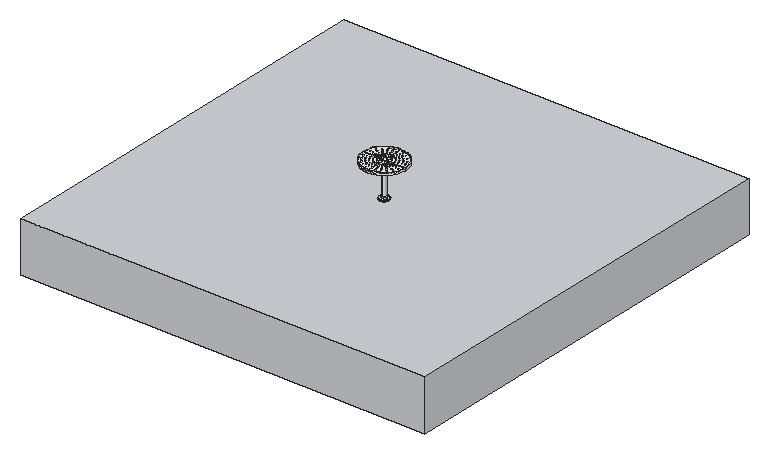
Revit family
Parameters (values of type "Metal-CP-Polished_Chrome")
  Width [instance] = 0' - 10"
  URL = "http://www.us.kohler.com"
  Showerhead Supply Pipe Radius = 0' 0 1/2"  # 1/2"
  Showerhead Supply Pipe Diameter = Showerhead Supply Pipe Radius * 2  # 1"
  Showerhead Supply = "Showerhead Supply"  # constant formula
  Product Page URL = "http://www.us.kohler.com/onlinecatalog/detail.jsp?prod_num=13689"
  Product Documentation Link = "http://www.us.kohler.com/onlinecatalog/pdf/1141989_4.pdf"
  Model = "K-13689"  # constant formula
  Manufacturer = "Kohler"  # constant formula
  Length [instance] = 0' - 2 3/4"
  Height [instance] = 0' - 10"
  Finish = Metal-Kohler-CP-Polished Chrome
  Description = "10in Contemporary round rainhead with Katalyst spray technology"  # constant formula
  Default Elevation = 0' - 0"
  Created By = "http://medialab3dstudio.com"
  Assembly Code = "C1030200"
Reference planes (in)
  plane 1 "Center (Front/Back)": y = 0
  plane 2 "Back": z = 0
  plane 3 "Center (Left/Right)": x = 0
  plane 4 "Left": x = -5
  plane 5 "Right": x = 5
  plane 6 "Top": y = 5
  plane 7 "Bottom": y = -5
  plane 8 "Front": z = 8.25422
Forms (in)
  Extrusion 1, solid
    sketch origin (0, 0, 0) x (1, 0, 0) y (0, 1, 0)
      loop
        line (-48, 48) -> (-48, -48) -> (48, -48) -> (48, 48) -> (-48, 48)
    from 0 to -12
  Extrusion 2, solid, material "Metal-Kohler-CP-Polished Chrome" <- "Finish", detail levels coarse+medium
    sketch origin (0, 0, 0) x (1, 0, 0) y (0, 1, 0)
      loop
        line (-5, 5) -> (-5, -5) -> (5, -5) -> (5, 5) -> (-5, 5)
    from 0 to 8.25422
  Extrusion 3, solid, material "Metal-Kohler-CP-Polished Chrome" <- "Finish", not visible
    sketch origin (0, 0, 0) x (1, 0, 0) y (0, 1, 0)
      loop
        circle (0, 0) r 0.5
    from 0 to 0.25402
Lines and regions (in)
  Masking region 1, detail levels coarse
    outline origin (0, 0, 0) x (0, 1, 0) y (0, 0, 1)
      loop
        line (5, 8.25422) -> (-5, 8.25422) -> (-5, 0) -> (5, 0) -> (5, 8.25422)
  Masking region 2, detail levels coarse
    outline origin (0, 0, 0) x (1, 0, 0) y (0, 0, 1)
      loop
        line (-5, 8.25422) -> (-5, 0) -> (5, 0) -> (5, 8.25422) -> (-5, 8.25422)
Dimensions and locks (in)
  equal spacing: plane 4 "Left", plane 3 "Center (Left/Right)", plane 5 "Right", locked at 5 each
  "Width": plane 4 "Left" to plane 5 "Right"
  equal spacing: plane 6 "Top", plane 1 "Center (Front/Back)", plane 7 "Bottom", locked at 5 each
  "Height": plane 6 "Top" to plane 7 "Bottom"
  plane 8 "Front" to plane 2 "Back" = 0' - 8.25422"
  "Showerhead Supply Pipe Radius": radius of Extrusion 3 sketch curve
  aligned and locked: plane 2 "Back" to Extrusion 1
  aligned and locked: level to Extrusion 1
Automatic sketch dimensions
  Extrusion 1 sketch curve to Extrusion 1 sketch curve = 8' - 0"  (x2)
  Masking region 1 sketch curve to plane 7 "Bottom" = 0' - 0"
  Masking region 1 sketch curve to level = 0' - 0"
  Masking region 1 sketch curve to plane 8 "Front" = 0' - 0"
  plane 6 "Top" to Masking region 1 sketch curve = 0' - 0"
  Masking region 2 sketch curve to plane 4 "Left" = 0' - 0"
  Masking region 2 sketch curve to plane 5 "Right" = 0' - 0"
  Masking region 2 sketch curve to level = 0' - 0"
  plane 8 "Front" to Masking region 2 sketch curve = 0' - 0"
  Extrusion 2 sketch curve to plane 4 "Left" = 0' - 0"
  Extrusion 2 sketch curve to plane 5 "Right" = 0' - 0"
  Extrusion 2 sketch curve to plane 7 "Bottom" = 0' - 0"
  plane 6 "Top" to Extrusion 2 sketch curve = 0' - 0"
  plane 1 "Center (Front/Back)" to Extrusion 3 sketch curve = 0' - 0"
  Extrusion 3 sketch curve to plane 3 "Center (Left/Right)" = 0' - 0"
Nested families (in)
  nested 1: "13689_Base" at (0, 0, 5.50422), type "13689_Base"
  nested 2: "Arm_Base" at (0, 0, 0), type "Arm_Base"
Connectors (in)
  piping at (0, 0, 0), driven by "Showerhead Supply", driven by "Showerhead Supply Pipe Radius"
    settings: on Extrusion 3, index 1, connector radius 1/2", flow factor 0, pipe flow 2.50 GPM, pressure drop 0.00 psi, fitting loss kfactor 0, connector angle 0.00°, fixture units 0, flow configuration 0, flow direction 1, fitting loss method 0, system type 7, connector reference index -1, connector utility 0, adjustable connector no, is connector primary yes, fitting loss table "", connector description "Showerhead Supply"
Definition of nested family "13689_Base"
  Parameters (values of type "13689_Base")
    Finish = Metal-Kohler-CP-Polished Chrome
    Assembly Code = ""
  Reference planes (in)
    plane 1 "Center (Front/Back)": y = 0
    plane 2 "Back": z = 0
    plane 3 "Center (Left/Right)": x = 0
    plane 4 "Left": x = -5
    plane 5 "Right": x = 5
    plane 6 "Top": y = 5
    plane 7 "Bottom": y = -5
    plane 8 "Front": z = 2.75
  Forms (in)
    Revolve 1, solid, material "Metal-Kohler-CP-Polished Chrome" <- "Finish", detail levels fine
      sketch origin (0, 0, 0) x (1, 0, 0) y (0, 0, 1)
        loop
          line (0, 0) -> (0, 2.71692) -> (-4.97026, 2.71692)
          arc (-4.97026, 2.71692) -> (-4.9913, 2.70814) -> (-5, 2.68707) r 0.02985
          line (-5, 2.68707) -> (-5, 2.24404) -> (-0.72059, 2.24404) -> (-0.72059, 1.66964) -> (-0.68982, 1.66964) -> (-0.68982, 1.19665) -> (-0.43848, 1.19665)
          arc (-0.43848, 1.19665) -> (-0.39123, 1.13635) -> (-0.33581, 1.08346) r 0.53225
          arc (-0.33581, 1.08346) -> (-0.31109, 1.01901) -> (-0.35357, 0.96459) r 0.07013
          arc (-0.35357, 0.96459) -> (-0.4567, 0.87986) -> (-0.49543, 0.75212) r 0.23005
          line (-0.49543, 0.75212) -> (-0.49543, 0.02372)
          arc (-0.49543, 0.02372) -> (-0.49101, 0.00722) -> (-0.47553, 0) r 0.02021
          line (-0.47553, 0) -> (0, 0)
        axis (0, 0) -> (0, 2.71692)
      angle from 0 to 360
    Extrusion 2, solid, material "Metal-Kohler-CP-Polished Chrome" <- "Finish", detail levels fine
      sketch origin (0, 0, 0) x (-1, 0, 0) y (0, -1, 0)
        loop
          circle (0.71429, 0) r 0.05864
        loop
          circle (3.57143, 0) r 0.05864
        loop
          circle (2.85714, 0) r 0.05864
        loop
          circle (2.14286, 0) r 0.05864
        loop
          circle (1.42857, 0) r 0.05864
        loop
          circle (4.28571, 0) r 0.05864
        loop
          circle (-0.71429, 0) r 0.05864
        loop
          circle (-3.57143, 0) r 0.05864
        loop
          circle (-2.85714, 0) r 0.05864
        loop
          circle (-2.14286, 0) r 0.05864
        loop
          circle (-1.42857, 0) r 0.05864
        loop
          circle (-4.28571, 0) r 0.05864
        loop
          circle (0, 0.71429) r 0.05864
        loop
          circle (0, 3.57143) r 0.05864
        loop
          circle (0, 2.85714) r 0.05864
        loop
          circle (0, 2.14286) r 0.05864
        loop
          circle (0, 1.42857) r 0.05864
        loop
          circle (0, 4.28571) r 0.05864
        loop
          circle (0, -0.71429) r 0.05864
        loop
          circle (0, -3.57143) r 0.05864
        loop
          circle (0, -2.85714) r 0.05864
        loop
          circle (0, -2.14286) r 0.05864
        loop
          circle (0, -1.42857) r 0.05864
        loop
          circle (0, -4.28571) r 0.05864
        loop
          circle (-0.50508, 0.50508) r 0.05864
        loop
          circle (-2.52538, 2.52538) r 0.05864
        loop
          circle (-2.02031, 2.02031) r 0.05864
        loop
          circle (-1.51523, 1.51523) r 0.05864
        loop
          circle (-1.01015, 1.01015) r 0.05864
        loop
          circle (-3.03046, 3.03046) r 0.05864
        loop
          circle (0.50508, -0.50508) r 0.05864
        loop
          circle (2.52538, -2.52538) r 0.05864
        loop
          circle (2.02031, -2.02031) r 0.05864
        loop
          circle (1.51523, -1.51523) r 0.05864
        loop
          circle (1.01015, -1.01015) r 0.05864
        loop
          circle (3.03046, -3.03046) r 0.05864
        loop
          circle (0.50508, 0.50508) r 0.05864
        loop
          circle (2.52538, 2.52538) r 0.05864
        loop
          circle (2.02031, 2.02031) r 0.05864
        loop
          circle (1.51523, 1.51523) r 0.05864
        loop
          circle (1.01015, 1.01015) r 0.05864
        loop
          circle (3.03046, 3.03046) r 0.05864
        loop
          circle (-0.50508, -0.50508) r 0.05864
        loop
          circle (-2.52538, -2.52538) r 0.05864
        loop
          circle (-2.02031, -2.02031) r 0.05864
        loop
          circle (-1.51523, -1.51523) r 0.05864
        loop
          circle (-1.01015, -1.01015) r 0.05864
        loop
          circle (-3.03046, -3.03046) r 0.05864
        loop
          circle (0.92435, -3.44974) r 0.05864
        loop
          circle (0.73948, -2.75979) r 0.05864
        loop
          circle (0.55461, -2.06984) r 0.05864
        loop
          circle (1.10922, -4.13968) r 0.05864
        loop
          circle (-0.92435, -3.44974) r 0.05864
        loop
          circle (-0.73948, -2.75979) r 0.05864
        loop
          circle (-0.55461, -2.06984) r 0.05864
        loop
          circle (-1.10922, -4.13968) r 0.05864
        loop
          circle (0.92435, 3.44974) r 0.05864
        loop
          circle (0.73948, 2.75979) r 0.05864
        loop
          circle (0.55461, 2.06984) r 0.05864
        loop
          circle (1.10922, 4.13968) r 0.05864
        loop
          circle (-0.92435, 3.44974) r 0.05864
        loop
          circle (-0.73948, 2.75979) r 0.05864
        loop
          circle (-0.55461, 2.06984) r 0.05864
        loop
          circle (-1.10922, 4.13968) r 0.05864
        loop
          circle (3.44974, -0.92435) r 0.05864
        loop
          circle (2.75979, -0.73948) r 0.05864
        loop
          circle (2.06984, -0.55461) r 0.05864
        loop
          circle (4.13968, -1.10922) r 0.05864
        loop
          circle (3.44974, 0.92435) r 0.05864
        loop
          circle (2.75979, 0.73948) r 0.05864
        loop
          circle (2.06984, 0.55461) r 0.05864
        loop
          circle (4.13968, 1.10922) r 0.05864
        loop
          circle (-3.44974, -0.92435) r 0.05864
        loop
          circle (-2.75979, -0.73948) r 0.05864
        loop
          circle (-2.06984, -0.55461) r 0.05864
        loop
          circle (-4.13968, -1.10922) r 0.05864
        loop
          circle (-3.44974, 0.92435) r 0.05864
        loop
          circle (-2.75979, 0.73948) r 0.05864
        loop
          circle (-2.06984, 0.55461) r 0.05864
        loop
          circle (-4.13968, 1.10922) r 0.05864
        loop
          circle (1.78571, -3.09295) r 0.05864
        loop
          circle (1.42857, -2.47436) r 0.05864
        loop
          circle (1.07143, -1.85577) r 0.05864
        loop
          circle (0.71429, -1.23718) r 0.05864
        loop
          circle (2.14286, -3.71154) r 0.05864
        loop
          circle (-1.78571, -3.09295) r 0.05864
        loop
          circle (-1.42857, -2.47436) r 0.05864
        loop
          circle (-1.07143, -1.85577) r 0.05864
        loop
          circle (-0.71429, -1.23718) r 0.05864
        loop
          circle (-2.14286, -3.71154) r 0.05864
        loop
          circle (-1.78571, 3.09295) r 0.05864
        loop
          circle (-1.42857, 2.47436) r 0.05864
        loop
          circle (-1.07143, 1.85577) r 0.05864
        loop
          circle (-0.71429, 1.23718) r 0.05864
        loop
          circle (-2.14286, 3.71154) r 0.05864
        loop
          circle (1.78571, 3.09295) r 0.05864
        loop
          circle (1.42857, 2.47436) r 0.05864
        loop
          circle (1.07143, 1.85577) r 0.05864
        loop
          circle (0.71429, 1.23718) r 0.05864
        loop
          circle (2.14286, 3.71154) r 0.05864
        loop
          circle (3.09295, 1.78571) r 0.05864
        loop
          circle (2.47436, 1.42857) r 0.05864
        loop
          circle (1.85577, 1.07143) r 0.05864
        loop
          circle (1.23718, 0.71429) r 0.05864
        loop
          circle (3.71154, 2.14286) r 0.05864
        loop
          circle (3.09295, -1.78571) r 0.05864
        loop
          circle (2.47436, -1.42857) r 0.05864
        loop
          circle (1.85577, -1.07143) r 0.05864
        loop
          circle (1.23718, -0.71429) r 0.05864
        loop
          circle (3.71154, -2.14286) r 0.05864
        loop
          circle (-3.09295, 1.78571) r 0.05864
        loop
          circle (-2.47436, 1.42857) r 0.05864
        loop
          circle (-1.85577, 1.07143) r 0.05864
        loop
          circle (-1.23718, 0.71429) r 0.05864
        loop
          circle (-3.71154, 2.14286) r 0.05864
        loop
          circle (-3.09295, -1.78571) r 0.05864
        loop
          circle (-2.47436, -1.42857) r 0.05864
        loop
          circle (-1.85577, -1.07143) r 0.05864
        loop
          circle (-1.23718, -0.71429) r 0.05864
        loop
          circle (-3.71154, -2.14286) r 0.05864
      from 2.52219 to 2.75
  Cuts and joins
    joined: Revolve 1, Extrusion 2
  Lines and regions (in)
    Masking region 1, detail levels medium+fine
      outline origin (0, 0, 0) x (1, 0, 0) y (0, 0, 1)
        loop
          line (-0.47553, 0) -> (0.47553, 0)
          arc (0.47553, 0) -> (0.49088, 0.00733) -> (0.49543, 0.02372) r 0.02052
          line (0.49543, 0.02372) -> (0.49543, 0.75212)
          arc (0.49543, 0.75212) -> (0.45667, 0.87989) -> (0.35346, 0.96459) r 0.22998
          arc (0.35346, 0.96459) -> (0.31099, 1.01905) -> (0.33591, 1.08346) r 0.07001
          arc (0.33591, 1.08346) -> (0.39141, 1.13623) -> (0.43848, 1.19665) r 0.51518
          line (0.43848, 1.19665) -> (0.68982, 1.19665) -> (0.68982, 1.66964) -> (0.72059, 1.66964) -> (0.72059, 2.24404) -> (5, 2.24404) -> (5, 2.68718)
          arc (5, 2.68718) -> (4.99129, 2.70821) -> (4.97026, 2.71692) r 0.02974
          line (4.97026, 2.71692) -> (-4.97026, 2.71692)
          arc (-4.97026, 2.71692) -> (-4.99129, 2.70821) -> (-5, 2.68718) r 0.02974
          line (-5, 2.68718) -> (-5, 2.24404) -> (-0.72059, 2.24404) -> (-0.72059, 1.66964) -> (-0.68982, 1.66964) -> (-0.68982, 1.19665) -> (-0.43848, 1.19665)
          arc (-0.43848, 1.19665) -> (-0.39141, 1.13623) -> (-0.33591, 1.08346) r 0.51518
          arc (-0.33591, 1.08346) -> (-0.31099, 1.01905) -> (-0.35346, 0.96459) r 0.07001
          arc (-0.35346, 0.96459) -> (-0.45667, 0.87989) -> (-0.49543, 0.75212) r 0.22998
          line (-0.49543, 0.75212) -> (-0.49543, 0.02372)
          arc (-0.49543, 0.02372) -> (-0.49088, 0.00733) -> (-0.47553, 0) r 0.02052
    Masking region 2, detail levels medium+fine
      outline origin (0, 0, 0) x (0, 1, 0) y (0, 0, 1)
        loop
          arc (0.47553, 0) -> (0.49093, 0.00718) -> (0.49532, 0.02359) r 0.0201
          line (0.49532, 0.02359) -> (0.49532, 0.75212)
          arc (0.49532, 0.75212) -> (0.45614, 0.88026) -> (0.35201, 0.96459) r 0.22916
          arc (0.35201, 0.96459) -> (0.31138, 1.01963) -> (0.33597, 1.08346) r 0.07111
          arc (0.33597, 1.08346) -> (0.39108, 1.13665) -> (0.43869, 1.19665) r 0.57911
          line (0.43869, 1.19665) -> (0.68956, 1.19665) -> (0.68956, 1.66964) -> (0.72059, 1.66964) -> (0.72059, 2.26074) -> (5, 2.26074) -> (5, 2.70356)
          arc (5, 2.70356) -> (4.99121, 2.7248) -> (4.96999, 2.73363) r 0.03007
          line (4.96999, 2.73363) -> (-4.96992, 2.73363)
          arc (-4.96992, 2.73363) -> (-4.99119, 2.72482) -> (-5, 2.70355) r 0.03008
          line (-5, 2.70355) -> (-5, 2.26074) -> (-0.72059, 2.26074) -> (-0.72059, 1.66964) -> (-0.68956, 1.66964) -> (-0.68956, 1.19665) -> (-0.43869, 1.19665)
          arc (-0.43869, 1.19665) -> (-0.39108, 1.13665) -> (-0.33597, 1.08346) r 0.57911
          arc (-0.33597, 1.08346) -> (-0.31138, 1.01963) -> (-0.35201, 0.96459) r 0.07111
          arc (-0.35201, 0.96459) -> (-0.45614, 0.88026) -> (-0.49532, 0.75212) r 0.22916
          line (-0.49532, 0.75212) -> (-0.49532, 0.02359)
          arc (-0.49532, 0.02359) -> (-0.49093, 0.00718) -> (-0.47553, 0) r 0.0201
          line (-0.47553, 0) -> (0.47553, 0)
    Masking region 3, detail levels coarse
      outline origin (0, 0, 0) x (1, 0, 0) y (0, 1, 0)
        loop
          line (-5, 5) -> (-5, -5) -> (5, -5) -> (5, 5) -> (-5, 5)
    Masking region 4, detail levels medium+fine
      outline origin (0, 0, 0) x (1, 0, 0) y (0, 1, 0)
        loop
          circle (0, 0) r 5
    symbolic lines
      curve 1: line (-4.2007, 0, 2.76048) -> (-4.19204, 0, 2.72296)
    symbolic lines, style "Masking Lines", detail levels fine
      curve 2: line (-0.72059, 0, 2.24404) -> (0.72059, 0, 2.24404)
      curve 3: line (-0.68982, 0, 1.66964) -> (0.68982, 0, 1.66964)
      curve 4: line (-0.43848, 0, 1.19665) -> (0.43848, 0, 1.19665)
      curve 5: line (-0.33591, 0, 1.08346) -> (0.33591, 0, 1.08346)
      curve 6: line (-0.35346, 0, 0.96459) -> (0.35346, 0, 0.96459)
      curve 7: line (-0.49543, 0, 0.75212) -> (-0.19715, 0, 0.75212)
      curve 8: line (0.19298, 0, 0.75212) -> (0.49543, 0, 0.75212)
      curve 9: spline (-0.19715, 0, 0.75212) -> (-0.19043, 0, 0.78649) -> (-0.17074, 0, 0.81851) -> (-0.13942, 0, 0.84602) -> (-0.0986, 0, 0.86712) -> (-0.05107, 0, 0.88038) -> (-0.00005, 0, 0.88491) -> (0.05096, 0, 0.88038) -> (0.09849, 0, 0.86712) -> (0.13931, 0, 0.84602) -> (0.17064, 0, 0.81851) -> (0.19033, 0, 0.78649) -> (0.19704, 0, 0.75212)
      curve 10: spline (-0.19308, 0, 0.75212) -> (-0.18651, 0, 0.78493) -> (-0.16722, 0, 0.8155) -> (-0.13655, 0, 0.84175) -> (-0.09657, 0, 0.8619) -> (-0.05001, 0, 0.87456) -> (-0.00005, 0, 0.87888) -> (0.04991, 0, 0.87456) -> (0.09646, 0, 0.8619) -> (0.13644, 0, 0.84175) -> (0.16712, 0, 0.8155) -> (0.1864, 0, 0.78493) -> (0.19298, 0, 0.75212)
      curve 11: line (0.19704, 0, 0.17428) -> (0.19704, 0, 0.75212)
      curve 12: line (0.19298, 0, 0.1745) -> (0.19298, 0, 0.75212)
      curve 13: line (-0.19715, 0, 0.75212) -> (-0.19715, 0, 0.17428)
      curve 14: line (-0.19308, 0, 0.75212) -> (-0.19308, 0, 0.1745)
      curve 15: line (-0.19715, 0, 0.17428) -> (0.19704, 0, 0.17428)
      curve 16: line (0.17668, 0, 0.16743) -> (-0.17896, 0, 0.16743)
      curve 17: line (-0.19308, 0, 0.1745) -> (0.19298, 0, 0.1745)
      curve 18: line (-0.19715, 0, 0.17428) -> (0.19704, 0, 0.17428)
      curve 19: line (0.49543, 0, 0.02372) -> (-0.49543, 0, 0.02372)
      curve 20: line (0.49543, 0, 0.02022) -> (-0.49543, 0, 0.02022)
      curve 21: line (0, 0.49543, 0.02022) -> (0, -0.49543, 0.02022)
      curve 22: line (0, -0.49532, 0.75212) -> (0, 0.49532, 0.75212)
      curve 23: line (0, -0.35357, 0.96459) -> (0, 0.35335, 0.96459)
      curve 24: line (0, -0.33591, 1.08346) -> (0, 0.33575, 1.08346)
      curve 25: line (0, -0.68982, 1.19665) -> (0, 0.68956, 1.19665)
      curve 26: line (0, 4.00021, 2.26074) -> (0, -4, 2.26074)
      curve 27: arc (-0.43848, 0, 2.75) -> (0, -0.43848, 2.75) -> (0.43848, 0, 2.75) r 0.43848
      curve 28: arc (0.43848, 0, 2.75) -> (0, 0.43848, 2.75) -> (-0.43848, 0, 2.75) r 0.43848
      curve 29: arc (-2.98899, 2.98899, 2.75) -> (-2.98899, 3.07192, 2.75) -> (-3.07192, 3.07192, 2.75) r 0.05864
      curve 30: arc (-3.07192, 3.07192, 2.75) -> (-3.07192, 2.98899, 2.75) -> (-2.98899, 2.98899, 2.75) r 0.05864
      curve 31: arc (-2.48392, 2.48392, 2.75) -> (-2.48392, 2.56685, 2.75) -> (-2.56685, 2.56685, 2.75) r 0.05864
      curve 32: arc (-2.56685, 2.56685, 2.75) -> (-2.56685, 2.48392, 2.75) -> (-2.48392, 2.48392, 2.75) r 0.05864
      curve 33: arc (-1.97884, 1.97884, 2.75) -> (-1.97884, 2.06177, 2.75) -> (-2.06177, 2.06177, 2.75) r 0.05864
      curve 34: arc (-2.06177, 2.06177, 2.75) -> (-2.06177, 1.97884, 2.75) -> (-1.97884, 1.97884, 2.75) r 0.05864
      curve 35: arc (-1.47377, 1.47377, 2.75) -> (-1.47377, 1.55669, 2.75) -> (-1.55669, 1.55669, 2.75) r 0.05864
      curve 36: arc (-1.55669, 1.55669, 2.75) -> (-1.55669, 1.47377, 2.75) -> (-1.47377, 1.47377, 2.75) r 0.05864
      curve 37: arc (-0.96869, 0.96869, 2.75) -> (-0.96869, 1.05162, 2.75) -> (-1.05162, 1.05162, 2.75) r 0.05864
      curve 38: arc (-1.05162, 1.05162, 2.75) -> (-1.05162, 0.96869, 2.75) -> (-0.96869, 0.96869, 2.75) r 0.05864
      curve 39: arc (-0.46361, 0.46361, 2.75) -> (-0.46361, 0.54654, 2.75) -> (-0.54654, 0.54654, 2.75) r 0.05864
      curve 40: arc (-0.54654, 0.54654, 2.75) -> (-0.54654, 0.46361, 2.75) -> (-0.46361, 0.46361, 2.75) r 0.05864
      curve 41: arc (-0.68497, 1.1864, 2.75) -> (-0.6635, 1.2665, 2.75) -> (-0.7436, 1.28796, 2.75) r 0.05864
      curve 42: arc (-0.7436, 1.28796, 2.75) -> (-0.76507, 1.20786, 2.75) -> (-0.68497, 1.1864, 2.75) r 0.05864
      curve 43: arc (-1.04211, 1.80499, 2.75) -> (-1.02065, 1.88509, 2.75) -> (-1.10075, 1.90655, 2.75) r 0.05864
      curve 44: arc (-1.10075, 1.90655, 2.75) -> (-1.12221, 1.82645, 2.75) -> (-1.04211, 1.80499, 2.75) r 0.05864
      curve 45: arc (-1.39925, 2.42358, 2.75) -> (-1.37779, 2.50368, 2.75) -> (-1.45789, 2.52514, 2.75) r 0.05864
      curve 46: arc (-1.45789, 2.52514, 2.75) -> (-1.47935, 2.44504, 2.75) -> (-1.39925, 2.42358, 2.75) r 0.05864
      curve 47: arc (-1.7564, 3.04217, 2.75) -> (-1.73493, 3.12227, 2.75) -> (-1.81503, 3.14373, 2.75) r 0.05864
      curve 48: arc (-1.81503, 3.14373, 2.75) -> (-1.8365, 3.06363, 2.75) -> (-1.7564, 3.04217, 2.75) r 0.05864
      curve 49: arc (-2.11354, 3.66075, 2.75) -> (-2.09207, 3.74086, 2.75) -> (-2.17218, 3.76232, 2.75) r 0.05864
      curve 50: arc (-2.17218, 3.76232, 2.75) -> (-2.19364, 3.68222, 2.75) -> (-2.11354, 3.66075, 2.75) r 0.05864
      curve 51: arc (-1.09405, 4.08304, 2.75) -> (-1.05258, 4.15486, 2.75) -> (-1.1244, 4.19632, 2.75) r 0.05864
      curve 52: arc (-1.1244, 4.19632, 2.75) -> (-1.16586, 4.12451, 2.75) -> (-1.09405, 4.08304, 2.75) r 0.05864
      curve 53: arc (-0.90918, 3.39309, 2.75) -> (-0.86771, 3.46491, 2.75) -> (-0.93953, 3.50638, 2.75) r 0.05864
      curve 54: arc (-0.93953, 3.50638, 2.75) -> (-0.98099, 3.43456, 2.75) -> (-0.90918, 3.39309, 2.75) r 0.05864
      curve 55: arc (-0.72431, 2.70315, 2.75) -> (-0.68284, 2.77496, 2.75) -> (-0.75466, 2.81643, 2.75) r 0.05864
      curve 56: arc (-0.75466, 2.81643, 2.75) -> (-0.79612, 2.74461, 2.75) -> (-0.72431, 2.70315, 2.75) r 0.05864
      curve 57: arc (-0.53944, 2.0132, 2.75) -> (-0.49797, 2.08502, 2.75) -> (-0.56979, 2.12648, 2.75) r 0.05864
      curve 58: arc (-0.56979, 2.12648, 2.75) -> (-0.61125, 2.05466, 2.75) -> (-0.53944, 2.0132, 2.75) r 0.05864
      curve 59: arc (0, 0.65565, 2.75) -> (0.05864, 0.71429, 2.75) -> (0, 0.77292, 2.75) r 0.05864
      curve 60: arc (0, 0.77292, 2.75) -> (-0.05864, 0.71429, 2.75) -> (0, 0.65565, 2.75) r 0.05864
      curve 61: arc (0, 1.36993, 2.75) -> (0.05864, 1.42857, 2.75) -> (0, 1.48721, 2.75) r 0.05864
      curve 62: arc (0, 1.48721, 2.75) -> (-0.05864, 1.42857, 2.75) -> (0, 1.36993, 2.75) r 0.05864
      curve 63: arc (0, 2.08422, 2.75) -> (0.05864, 2.14286, 2.75) -> (0, 2.2015, 2.75) r 0.05864
      curve 64: arc (0, 2.2015, 2.75) -> (-0.05864, 2.14286, 2.75) -> (0, 2.08422, 2.75) r 0.05864
      curve 65: arc (0, 2.7985, 2.75) -> (0.05864, 2.85714, 2.75) -> (0, 2.91578, 2.75) r 0.05864
      curve 66: arc (0, 2.91578, 2.75) -> (-0.05864, 2.85714, 2.75) -> (0, 2.7985, 2.75) r 0.05864
      curve 67: arc (0, 3.51279, 2.75) -> (0.05864, 3.57143, 2.75) -> (0, 3.63007, 2.75) r 0.05864
      curve 68: arc (0, 3.63007, 2.75) -> (-0.05864, 3.57143, 2.75) -> (0, 3.51279, 2.75) r 0.05864
      curve 69: arc (0, 4.22708, 2.75) -> (0.05864, 4.28571, 2.75) -> (0, 4.34435, 2.75) r 0.05864
      curve 70: arc (0, 4.34435, 2.75) -> (-0.05864, 4.28571, 2.75) -> (0, 4.22708, 2.75) r 0.05864
      curve 71: arc (-1.28796, 0.7436, 2.75) -> (-1.2665, 0.6635, 2.75) -> (-1.1864, 0.68497, 2.75) r 0.05864
      curve 72: arc (-1.1864, 0.68497, 2.75) -> (-1.20786, 0.76507, 2.75) -> (-1.28796, 0.7436, 2.75) r 0.05864
      curve 73: arc (-1.90655, 1.10075, 2.75) -> (-1.88509, 1.02065, 2.75) -> (-1.80499, 1.04211, 2.75) r 0.05864
      curve 74: arc (-1.80499, 1.04211, 2.75) -> (-1.82645, 1.12221, 2.75) -> (-1.90655, 1.10075, 2.75) r 0.05864
      curve 75: arc (-2.52514, 1.45789, 2.75) -> (-2.50368, 1.37779, 2.75) -> (-2.42358, 1.39925, 2.75) r 0.05864
      curve 76: arc (-2.42358, 1.39925, 2.75) -> (-2.44504, 1.47935, 2.75) -> (-2.52514, 1.45789, 2.75) r 0.05864
      curve 77: arc (-3.14373, 1.81503, 2.75) -> (-3.12227, 1.73493, 2.75) -> (-3.04217, 1.7564, 2.75) r 0.05864
      curve 78: arc (-3.04217, 1.7564, 2.75) -> (-3.06363, 1.8365, 2.75) -> (-3.14373, 1.81503, 2.75) r 0.05864
      curve 79: arc (-3.76232, 2.17218, 2.75) -> (-3.74086, 2.09207, 2.75) -> (-3.66075, 2.11354, 2.75) r 0.05864
      curve 80: arc (-3.66075, 2.11354, 2.75) -> (-3.68222, 2.19364, 2.75) -> (-3.76232, 2.17218, 2.75) r 0.05864
      curve 81: arc (-2.12648, 0.56979, 2.75) -> (-2.08502, 0.49797, 2.75) -> (-2.0132, 0.53944, 2.75) r 0.05864
      curve 82: arc (-2.0132, 0.53944, 2.75) -> (-2.05466, 0.61125, 2.75) -> (-2.12648, 0.56979, 2.75) r 0.05864
      curve 83: arc (-2.81643, 0.75466, 2.75) -> (-2.77496, 0.68284, 2.75) -> (-2.70315, 0.72431, 2.75) r 0.05864
      curve 84: arc (-2.70315, 0.72431, 2.75) -> (-2.74461, 0.79612, 2.75) -> (-2.81643, 0.75466, 2.75) r 0.05864
      curve 85: arc (-3.50638, 0.93953, 2.75) -> (-3.46491, 0.86771, 2.75) -> (-3.39309, 0.90918, 2.75) r 0.05864
      curve 86: arc (-3.39309, 0.90918, 2.75) -> (-3.43456, 0.98099, 2.75) -> (-3.50638, 0.93953, 2.75) r 0.05864
      curve 87: arc (-4.19632, 1.1244, 2.75) -> (-4.15486, 1.05258, 2.75) -> (-4.08304, 1.09405, 2.75) r 0.05864
      curve 88: arc (-4.08304, 1.09405, 2.75) -> (-4.12451, 1.16586, 2.75) -> (-4.19632, 1.1244, 2.75) r 0.05864
      curve 89: arc (-0.77292, 0, 2.75) -> (-0.71429, -0.05864, 2.75) -> (-0.65565, 0, 2.75) r 0.05864
      curve 90: arc (-0.65565, 0, 2.75) -> (-0.71429, 0.05864, 2.75) -> (-0.77292, 0, 2.75) r 0.05864
      curve 91: arc (-1.48721, 0, 2.75) -> (-1.42857, -0.05864, 2.75) -> (-1.36993, 0, 2.75) r 0.05864
      curve 92: arc (-1.36993, 0, 2.75) -> (-1.42857, 0.05864, 2.75) -> (-1.48721, 0, 2.75) r 0.05864
      curve 93: arc (-2.2015, 0, 2.75) -> (-2.14286, -0.05864, 2.75) -> (-2.08422, 0, 2.75) r 0.05864
      curve 94: arc (-2.08422, 0, 2.75) -> (-2.14286, 0.05864, 2.75) -> (-2.2015, 0, 2.75) r 0.05864
      curve 95: arc (-2.91578, 0, 2.75) -> (-2.85714, -0.05864, 2.75) -> (-2.7985, 0, 2.75) r 0.05864
      curve 96: arc (-2.7985, 0, 2.75) -> (-2.85714, 0.05864, 2.75) -> (-2.91578, 0, 2.75) r 0.05864
      curve 97: arc (-3.63007, 0, 2.75) -> (-3.57143, -0.05864, 2.75) -> (-3.51279, 0, 2.75) r 0.05864
      curve 98: arc (-3.51279, 0, 2.75) -> (-3.57143, 0.05864, 2.75) -> (-3.63007, 0, 2.75) r 0.05864
      curve 99: arc (-4.34435, 0, 2.75) -> (-4.28571, -0.05864, 2.75) -> (-4.22708, 0, 2.75) r 0.05864
      curve 100: arc (-4.22708, 0, 2.75) -> (-4.28571, 0.05864, 2.75) -> (-4.34435, 0, 2.75) r 0.05864
      curve 101: arc (-2.98899, -2.98899, 2.75) -> (-2.98899, -3.07192, 2.75) -> (-3.07192, -3.07192, 2.75) r 0.05864
      curve 102: arc (-3.07192, -3.07192, 2.75) -> (-3.07192, -2.98899, 2.75) -> (-2.98899, -2.98899, 2.75) r 0.05864
      curve 103: arc (-2.48392, -2.48392, 2.75) -> (-2.48392, -2.56685, 2.75) -> (-2.56685, -2.56685, 2.75) r 0.05864
      curve 104: arc (-2.56685, -2.56685, 2.75) -> (-2.56685, -2.48392, 2.75) -> (-2.48392, -2.48392, 2.75) r 0.05864
      curve 105: arc (-1.97884, -1.97884, 2.75) -> (-1.97884, -2.06177, 2.75) -> (-2.06177, -2.06177, 2.75) r 0.05864
      curve 106: arc (-2.06177, -2.06177, 2.75) -> (-2.06177, -1.97884, 2.75) -> (-1.97884, -1.97884, 2.75) r 0.05864
      curve 107: arc (-1.47377, -1.47377, 2.75) -> (-1.47377, -1.55669, 2.75) -> (-1.55669, -1.55669, 2.75) r 0.05864
      curve 108: arc (-1.55669, -1.55669, 2.75) -> (-1.55669, -1.47377, 2.75) -> (-1.47377, -1.47377, 2.75) r 0.05864
      curve 109: arc (-0.96869, -0.96869, 2.75) -> (-0.96869, -1.05162, 2.75) -> (-1.05162, -1.05162, 2.75) r 0.05864
      curve 110: arc (-1.05162, -1.05162, 2.75) -> (-1.05162, -0.96869, 2.75) -> (-0.96869, -0.96869, 2.75) r 0.05864
      curve 111: arc (-0.46361, -0.46361, 2.75) -> (-0.46361, -0.54654, 2.75) -> (-0.54654, -0.54654, 2.75) r 0.05864
      curve 112: arc (-0.54654, -0.54654, 2.75) -> (-0.54654, -0.46361, 2.75) -> (-0.46361, -0.46361, 2.75) r 0.05864
      curve 113: arc (-0.68497, -1.1864, 2.75) -> (-0.6635, -1.2665, 2.75) -> (-0.7436, -1.28796, 2.75) r 0.05864
      curve 114: arc (-0.7436, -1.28796, 2.75) -> (-0.76507, -1.20786, 2.75) -> (-0.68497, -1.1864, 2.75) r 0.05864
      curve 115: arc (-1.04211, -1.80499, 2.75) -> (-1.02065, -1.88509, 2.75) -> (-1.10075, -1.90655, 2.75) r 0.05864
      curve 116: arc (-1.10075, -1.90655, 2.75) -> (-1.12221, -1.82645, 2.75) -> (-1.04211, -1.80499, 2.75) r 0.05864
      curve 117: arc (-1.39925, -2.42358, 2.75) -> (-1.37779, -2.50368, 2.75) -> (-1.45789, -2.52514, 2.75) r 0.05864
      curve 118: arc (-1.45789, -2.52514, 2.75) -> (-1.47935, -2.44504, 2.75) -> (-1.39925, -2.42358, 2.75) r 0.05864
      curve 119: arc (-1.7564, -3.04217, 2.75) -> (-1.73493, -3.12227, 2.75) -> (-1.81503, -3.14373, 2.75) r 0.05864
      curve 120: arc (-1.81503, -3.14373, 2.75) -> (-1.8365, -3.06363, 2.75) -> (-1.7564, -3.04217, 2.75) r 0.05864
      curve 121: arc (-2.11354, -3.66075, 2.75) -> (-2.09207, -3.74086, 2.75) -> (-2.17218, -3.76232, 2.75) r 0.05864
      curve 122: arc (-2.17218, -3.76232, 2.75) -> (-2.19364, -3.68222, 2.75) -> (-2.11354, -3.66075, 2.75) r 0.05864
      curve 123: arc (-1.09405, -4.08304, 2.75) -> (-1.05258, -4.15486, 2.75) -> (-1.1244, -4.19632, 2.75) r 0.05864
      curve 124: arc (-1.1244, -4.19632, 2.75) -> (-1.16586, -4.12451, 2.75) -> (-1.09405, -4.08304, 2.75) r 0.05864
      curve 125: arc (-0.90918, -3.39309, 2.75) -> (-0.86771, -3.46491, 2.75) -> (-0.93953, -3.50638, 2.75) r 0.05864
      curve 126: arc (-0.93953, -3.50638, 2.75) -> (-0.98099, -3.43456, 2.75) -> (-0.90918, -3.39309, 2.75) r 0.05864
      curve 127: arc (-0.72431, -2.70315, 2.75) -> (-0.68284, -2.77496, 2.75) -> (-0.75466, -2.81643, 2.75) r 0.05864
      curve 128: arc (-0.75466, -2.81643, 2.75) -> (-0.79612, -2.74461, 2.75) -> (-0.72431, -2.70315, 2.75) r 0.05864
      curve 129: arc (-0.53944, -2.0132, 2.75) -> (-0.49797, -2.08502, 2.75) -> (-0.56979, -2.12648, 2.75) r 0.05864
      curve 130: arc (-0.56979, -2.12648, 2.75) -> (-0.61125, -2.05466, 2.75) -> (-0.53944, -2.0132, 2.75) r 0.05864
      curve 131: arc (-1.28796, -0.7436, 2.75) -> (-1.2665, -0.6635, 2.75) -> (-1.1864, -0.68497, 2.75) r 0.05864
      curve 132: arc (-1.1864, -0.68497, 2.75) -> (-1.20786, -0.76507, 2.75) -> (-1.28796, -0.7436, 2.75) r 0.05864
      curve 133: arc (-1.90655, -1.10075, 2.75) -> (-1.88509, -1.02065, 2.75) -> (-1.80499, -1.04211, 2.75) r 0.05864
      curve 134: arc (-1.80499, -1.04211, 2.75) -> (-1.82645, -1.12221, 2.75) -> (-1.90655, -1.10075, 2.75) r 0.05864
      curve 135: arc (-2.52514, -1.45789, 2.75) -> (-2.50368, -1.37779, 2.75) -> (-2.42358, -1.39925, 2.75) r 0.05864
      curve 136: arc (-2.42358, -1.39925, 2.75) -> (-2.44504, -1.47935, 2.75) -> (-2.52514, -1.45789, 2.75) r 0.05864
      curve 137: arc (-3.14373, -1.81503, 2.75) -> (-3.12227, -1.73493, 2.75) -> (-3.04217, -1.7564, 2.75) r 0.05864
      curve 138: arc (-3.04217, -1.7564, 2.75) -> (-3.06363, -1.8365, 2.75) -> (-3.14373, -1.81503, 2.75) r 0.05864
      curve 139: arc (-3.76232, -2.17218, 2.75) -> (-3.74086, -2.09207, 2.75) -> (-3.66075, -2.11354, 2.75) r 0.05864
      curve 140: arc (-3.66075, -2.11354, 2.75) -> (-3.68222, -2.19364, 2.75) -> (-3.76232, -2.17218, 2.75) r 0.05864
      curve 141: arc (-2.12648, -0.56979, 2.75) -> (-2.08502, -0.49797, 2.75) -> (-2.0132, -0.53944, 2.75) r 0.05864
      curve 142: arc (-2.0132, -0.53944, 2.75) -> (-2.05466, -0.61125, 2.75) -> (-2.12648, -0.56979, 2.75) r 0.05864
      curve 143: arc (-2.81643, -0.75466, 2.75) -> (-2.77496, -0.68284, 2.75) -> (-2.70315, -0.72431, 2.75) r 0.05864
      curve 144: arc (-2.70315, -0.72431, 2.75) -> (-2.74461, -0.79612, 2.75) -> (-2.81643, -0.75466, 2.75) r 0.05864
      curve 145: arc (-3.50638, -0.93953, 2.75) -> (-3.46491, -0.86771, 2.75) -> (-3.39309, -0.90918, 2.75) r 0.05864
      curve 146: arc (-3.39309, -0.90918, 2.75) -> (-3.43456, -0.98099, 2.75) -> (-3.50638, -0.93953, 2.75) r 0.05864
      curve 147: arc (-4.19632, -1.1244, 2.75) -> (-4.15486, -1.05258, 2.75) -> (-4.08304, -1.09405, 2.75) r 0.05864
      curve 148: arc (-4.08304, -1.09405, 2.75) -> (-4.12451, -1.16586, 2.75) -> (-4.19632, -1.1244, 2.75) r 0.05864
      curve 149: arc (2.98899, -2.98899, 2.75) -> (2.98899, -3.07192, 2.75) -> (3.07192, -3.07192, 2.75) r 0.05864
      curve 150: arc (3.07192, -3.07192, 2.75) -> (3.07192, -2.98899, 2.75) -> (2.98899, -2.98899, 2.75) r 0.05864
      curve 151: arc (2.48392, -2.48392, 2.75) -> (2.48392, -2.56685, 2.75) -> (2.56685, -2.56685, 2.75) r 0.05864
      curve 152: arc (2.56685, -2.56685, 2.75) -> (2.56685, -2.48392, 2.75) -> (2.48392, -2.48392, 2.75) r 0.05864
      curve 153: arc (1.97884, -1.97884, 2.75) -> (1.97884, -2.06177, 2.75) -> (2.06177, -2.06177, 2.75) r 0.05864
      curve 154: arc (2.06177, -2.06177, 2.75) -> (2.06177, -1.97884, 2.75) -> (1.97884, -1.97884, 2.75) r 0.05864
      curve 155: arc (1.47377, -1.47377, 2.75) -> (1.47377, -1.55669, 2.75) -> (1.55669, -1.55669, 2.75) r 0.05864
      curve 156: arc (1.55669, -1.55669, 2.75) -> (1.55669, -1.47377, 2.75) -> (1.47377, -1.47377, 2.75) r 0.05864
      curve 157: arc (0.96869, -0.96869, 2.75) -> (0.96869, -1.05162, 2.75) -> (1.05162, -1.05162, 2.75) r 0.05864
      curve 158: arc (1.05162, -1.05162, 2.75) -> (1.05162, -0.96869, 2.75) -> (0.96869, -0.96869, 2.75) r 0.05864
      curve 159: arc (0.46361, -0.46361, 2.75) -> (0.46361, -0.54654, 2.75) -> (0.54654, -0.54654, 2.75) r 0.05864
      curve 160: arc (0.54654, -0.54654, 2.75) -> (0.54654, -0.46361, 2.75) -> (0.46361, -0.46361, 2.75) r 0.05864
      curve 161: arc (0.68497, -1.1864, 2.75) -> (0.6635, -1.2665, 2.75) -> (0.7436, -1.28796, 2.75) r 0.05864
      curve 162: arc (0.7436, -1.28796, 2.75) -> (0.76507, -1.20786, 2.75) -> (0.68497, -1.1864, 2.75) r 0.05864
      curve 163: arc (1.04211, -1.80499, 2.75) -> (1.02065, -1.88509, 2.75) -> (1.10075, -1.90655, 2.75) r 0.05864
      curve 164: arc (1.10075, -1.90655, 2.75) -> (1.12221, -1.82645, 2.75) -> (1.04211, -1.80499, 2.75) r 0.05864
      curve 165: arc (1.39925, -2.42358, 2.75) -> (1.37779, -2.50368, 2.75) -> (1.45789, -2.52514, 2.75) r 0.05864
      curve 166: arc (1.45789, -2.52514, 2.75) -> (1.47935, -2.44504, 2.75) -> (1.39925, -2.42358, 2.75) r 0.05864
      curve 167: arc (1.7564, -3.04217, 2.75) -> (1.73493, -3.12227, 2.75) -> (1.81503, -3.14373, 2.75) r 0.05864
      curve 168: arc (1.81503, -3.14373, 2.75) -> (1.8365, -3.06363, 2.75) -> (1.7564, -3.04217, 2.75) r 0.05864
      curve 169: arc (2.11354, -3.66075, 2.75) -> (2.09207, -3.74086, 2.75) -> (2.17218, -3.76232, 2.75) r 0.05864
      curve 170: arc (2.17218, -3.76232, 2.75) -> (2.19364, -3.68222, 2.75) -> (2.11354, -3.66075, 2.75) r 0.05864
      curve 171: arc (1.09405, -4.08304, 2.75) -> (1.05258, -4.15486, 2.75) -> (1.1244, -4.19632, 2.75) r 0.05864
      curve 172: arc (1.1244, -4.19632, 2.75) -> (1.16586, -4.12451, 2.75) -> (1.09405, -4.08304, 2.75) r 0.05864
      curve 173: arc (0.90918, -3.39309, 2.75) -> (0.86771, -3.46491, 2.75) -> (0.93953, -3.50638, 2.75) r 0.05864
      curve 174: arc (0.93953, -3.50638, 2.75) -> (0.98099, -3.43456, 2.75) -> (0.90918, -3.39309, 2.75) r 0.05864
      curve 175: arc (0.72431, -2.70315, 2.75) -> (0.68284, -2.77496, 2.75) -> (0.75466, -2.81643, 2.75) r 0.05864
      curve 176: arc (0.75466, -2.81643, 2.75) -> (0.79612, -2.74461, 2.75) -> (0.72431, -2.70315, 2.75) r 0.05864
      curve 177: arc (0.53944, -2.0132, 2.75) -> (0.49797, -2.08502, 2.75) -> (0.56979, -2.12648, 2.75) r 0.05864
      curve 178: arc (0.56979, -2.12648, 2.75) -> (0.61125, -2.05466, 2.75) -> (0.53944, -2.0132, 2.75) r 0.05864
      curve 179: arc (1.28796, -0.7436, 2.75) -> (1.2665, -0.6635, 2.75) -> (1.1864, -0.68497, 2.75) r 0.05864
      curve 180: arc (1.1864, -0.68497, 2.75) -> (1.20786, -0.76507, 2.75) -> (1.28796, -0.7436, 2.75) r 0.05864
      curve 181: arc (1.90655, -1.10075, 2.75) -> (1.88509, -1.02065, 2.75) -> (1.80499, -1.04211, 2.75) r 0.05864
      curve 182: arc (1.80499, -1.04211, 2.75) -> (1.82645, -1.12221, 2.75) -> (1.90655, -1.10075, 2.75) r 0.05864
      curve 183: arc (2.52514, -1.45789, 2.75) -> (2.50368, -1.37779, 2.75) -> (2.42358, -1.39925, 2.75) r 0.05864
      curve 184: arc (2.42358, -1.39925, 2.75) -> (2.44504, -1.47935, 2.75) -> (2.52514, -1.45789, 2.75) r 0.05864
      curve 185: arc (3.14373, -1.81503, 2.75) -> (3.12227, -1.73493, 2.75) -> (3.04217, -1.7564, 2.75) r 0.05864
      curve 186: arc (3.04217, -1.7564, 2.75) -> (3.06363, -1.8365, 2.75) -> (3.14373, -1.81503, 2.75) r 0.05864
      curve 187: arc (3.76232, -2.17218, 2.75) -> (3.74086, -2.09207, 2.75) -> (3.66075, -2.11354, 2.75) r 0.05864
      curve 188: arc (3.66075, -2.11354, 2.75) -> (3.68222, -2.19364, 2.75) -> (3.76232, -2.17218, 2.75) r 0.05864
      curve 189: arc (2.12648, -0.56979, 2.75) -> (2.08502, -0.49797, 2.75) -> (2.0132, -0.53944, 2.75) r 0.05864
      curve 190: arc (2.0132, -0.53944, 2.75) -> (2.05466, -0.61125, 2.75) -> (2.12648, -0.56979, 2.75) r 0.05864
      curve 191: arc (2.81643, -0.75466, 2.75) -> (2.77496, -0.68284, 2.75) -> (2.70315, -0.72431, 2.75) r 0.05864
      curve 192: arc (2.70315, -0.72431, 2.75) -> (2.74461, -0.79612, 2.75) -> (2.81643, -0.75466, 2.75) r 0.05864
      curve 193: arc (3.50638, -0.93953, 2.75) -> (3.46491, -0.86771, 2.75) -> (3.39309, -0.90918, 2.75) r 0.05864
      curve 194: arc (3.39309, -0.90918, 2.75) -> (3.43456, -0.98099, 2.75) -> (3.50638, -0.93953, 2.75) r 0.05864
      curve 195: arc (4.19632, -1.1244, 2.75) -> (4.15486, -1.05258, 2.75) -> (4.08304, -1.09405, 2.75) r 0.05864
      curve 196: arc (4.08304, -1.09405, 2.75) -> (4.12451, -1.16586, 2.75) -> (4.19632, -1.1244, 2.75) r 0.05864
      curve 197: arc (2.98899, 2.98899, 2.75) -> (2.98899, 3.07192, 2.75) -> (3.07192, 3.07192, 2.75) r 0.05864
      curve 198: arc (3.07192, 3.07192, 2.75) -> (3.07192, 2.98899, 2.75) -> (2.98899, 2.98899, 2.75) r 0.05864
      curve 199: arc (2.48392, 2.48392, 2.75) -> (2.48392, 2.56685, 2.75) -> (2.56685, 2.56685, 2.75) r 0.05864
      curve 200: arc (2.56685, 2.56685, 2.75) -> (2.56685, 2.48392, 2.75) -> (2.48392, 2.48392, 2.75) r 0.05864
      curve 201: arc (1.97884, 1.97884, 2.75) -> (1.97884, 2.06177, 2.75) -> (2.06177, 2.06177, 2.75) r 0.05864
      curve 202: arc (2.06177, 2.06177, 2.75) -> (2.06177, 1.97884, 2.75) -> (1.97884, 1.97884, 2.75) r 0.05864
      curve 203: arc (1.47377, 1.47377, 2.75) -> (1.47377, 1.55669, 2.75) -> (1.55669, 1.55669, 2.75) r 0.05864
      curve 204: arc (1.55669, 1.55669, 2.75) -> (1.55669, 1.47377, 2.75) -> (1.47377, 1.47377, 2.75) r 0.05864
      curve 205: arc (0.96869, 0.96869, 2.75) -> (0.96869, 1.05162, 2.75) -> (1.05162, 1.05162, 2.75) r 0.05864
      curve 206: arc (1.05162, 1.05162, 2.75) -> (1.05162, 0.96869, 2.75) -> (0.96869, 0.96869, 2.75) r 0.05864
      curve 207: arc (0.46361, 0.46361, 2.75) -> (0.46361, 0.54654, 2.75) -> (0.54654, 0.54654, 2.75) r 0.05864
      curve 208: arc (0.54654, 0.54654, 2.75) -> (0.54654, 0.46361, 2.75) -> (0.46361, 0.46361, 2.75) r 0.05864
      curve 209: arc (0.68497, 1.1864, 2.75) -> (0.6635, 1.2665, 2.75) -> (0.7436, 1.28796, 2.75) r 0.05864
      curve 210: arc (0.7436, 1.28796, 2.75) -> (0.76507, 1.20786, 2.75) -> (0.68497, 1.1864, 2.75) r 0.05864
      curve 211: arc (1.04211, 1.80499, 2.75) -> (1.02065, 1.88509, 2.75) -> (1.10075, 1.90655, 2.75) r 0.05864
      curve 212: arc (1.10075, 1.90655, 2.75) -> (1.12221, 1.82645, 2.75) -> (1.04211, 1.80499, 2.75) r 0.05864
      curve 213: arc (1.39925, 2.42358, 2.75) -> (1.37779, 2.50368, 2.75) -> (1.45789, 2.52514, 2.75) r 0.05864
      curve 214: arc (1.45789, 2.52514, 2.75) -> (1.47935, 2.44504, 2.75) -> (1.39925, 2.42358, 2.75) r 0.05864
      curve 215: arc (1.7564, 3.04217, 2.75) -> (1.73493, 3.12227, 2.75) -> (1.81503, 3.14373, 2.75) r 0.05864
      curve 216: arc (1.81503, 3.14373, 2.75) -> (1.8365, 3.06363, 2.75) -> (1.7564, 3.04217, 2.75) r 0.05864
      curve 217: arc (2.11354, 3.66075, 2.75) -> (2.09207, 3.74086, 2.75) -> (2.17218, 3.76232, 2.75) r 0.05864
      curve 218: arc (2.17218, 3.76232, 2.75) -> (2.19364, 3.68222, 2.75) -> (2.11354, 3.66075, 2.75) r 0.05864
      curve 219: arc (1.09405, 4.08304, 2.75) -> (1.05258, 4.15486, 2.75) -> (1.1244, 4.19632, 2.75) r 0.05864
      curve 220: arc (1.1244, 4.19632, 2.75) -> (1.16586, 4.12451, 2.75) -> (1.09405, 4.08304, 2.75) r 0.05864
      curve 221: arc (0.90918, 3.39309, 2.75) -> (0.86771, 3.46491, 2.75) -> (0.93953, 3.50638, 2.75) r 0.05864
      curve 222: arc (0.93953, 3.50638, 2.75) -> (0.98099, 3.43456, 2.75) -> (0.90918, 3.39309, 2.75) r 0.05864
      curve 223: arc (0.72431, 2.70315, 2.75) -> (0.68284, 2.77496, 2.75) -> (0.75466, 2.81643, 2.75) r 0.05864
      curve 224: arc (0.75466, 2.81643, 2.75) -> (0.79612, 2.74461, 2.75) -> (0.72431, 2.70315, 2.75) r 0.05864
      curve 225: arc (0.53944, 2.0132, 2.75) -> (0.49797, 2.08502, 2.75) -> (0.56979, 2.12648, 2.75) r 0.05864
      curve 226: arc (0.56979, 2.12648, 2.75) -> (0.61125, 2.05466, 2.75) -> (0.53944, 2.0132, 2.75) r 0.05864
      curve 227: arc (1.28796, 0.7436, 2.75) -> (1.2665, 0.6635, 2.75) -> (1.1864, 0.68497, 2.75) r 0.05864
      curve 228: arc (1.1864, 0.68497, 2.75) -> (1.20786, 0.76507, 2.75) -> (1.28796, 0.7436, 2.75) r 0.05864
      curve 229: arc (1.90655, 1.10075, 2.75) -> (1.88509, 1.02065, 2.75) -> (1.80499, 1.04211, 2.75) r 0.05864
      curve 230: arc (1.80499, 1.04211, 2.75) -> (1.82645, 1.12221, 2.75) -> (1.90655, 1.10075, 2.75) r 0.05864
      curve 231: arc (2.52514, 1.45789, 2.75) -> (2.50368, 1.37779, 2.75) -> (2.42358, 1.39925, 2.75) r 0.05864
      curve 232: arc (2.42358, 1.39925, 2.75) -> (2.44504, 1.47935, 2.75) -> (2.52514, 1.45789, 2.75) r 0.05864
      curve 233: arc (3.14373, 1.81503, 2.75) -> (3.12227, 1.73493, 2.75) -> (3.04217, 1.7564, 2.75) r 0.05864
      curve 234: arc (3.04217, 1.7564, 2.75) -> (3.06363, 1.8365, 2.75) -> (3.14373, 1.81503, 2.75) r 0.05864
      curve 235: arc (3.76232, 2.17218, 2.75) -> (3.74086, 2.09207, 2.75) -> (3.66075, 2.11354, 2.75) r 0.05864
      curve 236: arc (3.66075, 2.11354, 2.75) -> (3.68222, 2.19364, 2.75) -> (3.76232, 2.17218, 2.75) r 0.05864
      curve 237: arc (2.12648, 0.56979, 2.75) -> (2.08502, 0.49797, 2.75) -> (2.0132, 0.53944, 2.75) r 0.05864
      curve 238: arc (2.0132, 0.53944, 2.75) -> (2.05466, 0.61125, 2.75) -> (2.12648, 0.56979, 2.75) r 0.05864
      curve 239: arc (2.81643, 0.75466, 2.75) -> (2.77496, 0.68284, 2.75) -> (2.70315, 0.72431, 2.75) r 0.05864
      curve 240: arc (2.70315, 0.72431, 2.75) -> (2.74461, 0.79612, 2.75) -> (2.81643, 0.75466, 2.75) r 0.05864
      curve 241: arc (3.50638, 0.93953, 2.75) -> (3.46491, 0.86771, 2.75) -> (3.39309, 0.90918, 2.75) r 0.05864
      curve 242: arc (3.39309, 0.90918, 2.75) -> (3.43456, 0.98099, 2.75) -> (3.50638, 0.93953, 2.75) r 0.05864
      curve 243: arc (4.19632, 1.1244, 2.75) -> (4.15486, 1.05258, 2.75) -> (4.08304, 1.09405, 2.75) r 0.05864
      curve 244: arc (4.08304, 1.09405, 2.75) -> (4.12451, 1.16586, 2.75) -> (4.19632, 1.1244, 2.75) r 0.05864
      curve 245: arc (0, -0.65565, 2.75) -> (0.05864, -0.71429, 2.75) -> (0, -0.77292, 2.75) r 0.05864
      curve 246: arc (0, -0.77292, 2.75) -> (-0.05864, -0.71429, 2.75) -> (0, -0.65565, 2.75) r 0.05864
      curve 247: arc (0, -1.36993, 2.75) -> (0.05864, -1.42857, 2.75) -> (0, -1.48721, 2.75) r 0.05864
      curve 248: arc (0, -1.48721, 2.75) -> (-0.05864, -1.42857, 2.75) -> (0, -1.36993, 2.75) r 0.05864
      curve 249: arc (0, -2.08422, 2.75) -> (0.05864, -2.14286, 2.75) -> (0, -2.2015, 2.75) r 0.05864
      curve 250: arc (0, -2.2015, 2.75) -> (-0.05864, -2.14286, 2.75) -> (0, -2.08422, 2.75) r 0.05864
      curve 251: arc (0, -2.7985, 2.75) -> (0.05864, -2.85714, 2.75) -> (0, -2.91578, 2.75) r 0.05864
      curve 252: arc (0, -2.91578, 2.75) -> (-0.05864, -2.85714, 2.75) -> (0, -2.7985, 2.75) r 0.05864
      curve 253: arc (0, -3.51279, 2.75) -> (0.05864, -3.57143, 2.75) -> (0, -3.63007, 2.75) r 0.05864
      curve 254: arc (0, -3.63007, 2.75) -> (-0.05864, -3.57143, 2.75) -> (0, -3.51279, 2.75) r 0.05864
      curve 255: arc (0, -4.22708, 2.75) -> (0.05864, -4.28571, 2.75) -> (0, -4.34435, 2.75) r 0.05864
      curve 256: arc (0, -4.34435, 2.75) -> (-0.05864, -4.28571, 2.75) -> (0, -4.22708, 2.75) r 0.05864
      curve 257: arc (0.77292, 0, 2.75) -> (0.71429, -0.05864, 2.75) -> (0.65565, 0, 2.75) r 0.05864
      curve 258: arc (0.65565, 0, 2.75) -> (0.71429, 0.05864, 2.75) -> (0.77292, 0, 2.75) r 0.05864
      curve 259: arc (1.48721, 0, 2.75) -> (1.42857, -0.05864, 2.75) -> (1.36993, 0, 2.75) r 0.05864
      curve 260: arc (1.36993, 0, 2.75) -> (1.42857, 0.05864, 2.75) -> (1.48721, 0, 2.75) r 0.05864
      curve 261: arc (2.2015, 0, 2.75) -> (2.14286, -0.05864, 2.75) -> (2.08422, 0, 2.75) r 0.05864
      curve 262: arc (2.08422, 0, 2.75) -> (2.14286, 0.05864, 2.75) -> (2.2015, 0, 2.75) r 0.05864
      curve 263: arc (2.91578, 0, 2.75) -> (2.85714, -0.05864, 2.75) -> (2.7985, 0, 2.75) r 0.05864
      curve 264: arc (2.7985, 0, 2.75) -> (2.85714, 0.05864, 2.75) -> (2.91578, 0, 2.75) r 0.05864
      curve 265: arc (3.63007, 0, 2.75) -> (3.57143, -0.05864, 2.75) -> (3.51279, 0, 2.75) r 0.05864
      curve 266: arc (3.51279, 0, 2.75) -> (3.57143, 0.05864, 2.75) -> (3.63007, 0, 2.75) r 0.05864
      curve 267: arc (4.34435, 0, 2.75) -> (4.28571, -0.05864, 2.75) -> (4.22708, 0, 2.75) r 0.05864
      curve 268: arc (4.22708, 0, 2.75) -> (4.28571, 0.05864, 2.75) -> (4.34435, 0, 2.75) r 0.05864
  Dimensions and locks (in)
    equal spacing: plane 4 "Left", plane 3 "Center (Left/Right)", plane 5 "Right"
    equal spacing: plane 6 "Top", plane 1 "Center (Front/Back)", plane 7 "Bottom"
    plane 4 "Left" to plane 5 "Right" = 0' - 10"
    plane 6 "Top" to plane 7 "Bottom" = 0' - 10"
    plane 8 "Front" to plane 2 "Back" = 0' - 2 3/4"
    aligned and locked: plane 2 "Back" to level
  Automatic sketch dimensions
    Revolve 1 sketch curve to plane 4 "Left" = 0' - 0"
    Revolve 1 sketch curve to level = 0' - 0"  (x2)
    Revolve 1 sketch curve to plane 3 "Center (Left/Right)" = 0' - 0"  (x2)
    plane 4 "Left" to Revolve 1 sketch curve = 0' - 0.02974"
    plane 4 "Left" to Revolve 1 sketch curve = 0' - 0.02985"
    Revolve 1 sketch curve to plane 3 "Center (Left/Right)" = 0' - 0.72059"
    Revolve 1 sketch curve to Revolve 1 sketch curve = 0' - 0.03076"
    level to Revolve 1 sketch curve = 0' - 0.02372"
    Revolve 1 sketch curve to plane 3 "Center (Left/Right)" = 0' - 0.49543"
    Revolve 1 sketch curve to Revolve 1 sketch curve = 0' - 0.0199"
    Revolve 1 sketch curve to Revolve 1 sketch curve = 0' - 0.25135"
    Revolve 1 sketch curve to Revolve 1 sketch curve = 0' - 0.05803"
    Revolve 1 sketch curve to Revolve 1 sketch curve = 0' - 0.02688"
    Revolve 1 sketch curve to Revolve 1 sketch curve = 0' - 0"  (x2)
    Revolve 1 sketch curve to Revolve 1 sketch curve = 0' - 0.04464"
    Revolve 1 sketch curve to Revolve 1 sketch curve = 0' - 0.08818"
    plane 3 "Center (Left/Right)" to Revolve 1 sketch curve = 0' - 0.003"
    level to Revolve 1 sketch curve = 0' - 0.75212"
    Revolve 1 sketch curve to Revolve 1 sketch curve = 0' - 0.47299"
    Revolve 1 sketch curve to plane 8 "Front" = 0' - 0.50596"
    Revolve 1 sketch curve to plane 8 "Front" = 0' - 0.06293"
    Revolve 1 sketch curve to plane 8 "Front" = 0' - 0.01638"
    Masking region 1 sketch curve to plane 4 "Left" = 0' - 0"
    Masking region 1 sketch curve to level = 0' - 0"
    plane 5 "Right" to Masking region 1 sketch curve = 0' - 0"
    plane 4 "Left" to Masking region 1 sketch curve = 0' - 0.02974"
    Masking region 1 sketch curve to plane 3 "Center (Left/Right)" = 0' - 0.72059"
    Masking region 1 sketch curve to Masking region 1 sketch curve = 0' - 0.03076"  (x2)
    level to Masking region 1 sketch curve = 0' - 0.02372"
    Masking region 1 sketch curve to plane 3 "Center (Left/Right)" = 0' - 0.49543"
    Masking region 1 sketch curve to Masking region 1 sketch curve = 0' - 0.0199"
    level to Masking region 1 sketch curve = 0' - 0.02052"  (x2)
    Masking region 1 sketch curve to Masking region 1 sketch curve = 0' - 0.25135"  (x2)
    Masking region 1 sketch curve to Masking region 1 sketch curve = 0' - 0.05823"
    Masking region 1 sketch curve to Masking region 1 sketch curve = 0' - 0.02679"
    Masking region 1 sketch curve to Masking region 1 sketch curve = 0' - 0"  (x4)
    Masking region 1 sketch curve to Masking region 1 sketch curve = 0' - 0.04434"  (x2)
    Masking region 1 sketch curve to Masking region 1 sketch curve = 0' - 0.22998"  (x2)
    Masking region 1 sketch curve to plane 3 "Center (Left/Right)" = 0' - 0.00965"
    plane 3 "Center (Left/Right)" to Masking region 1 sketch curve = 0' - 0.00965"
    plane 3 "Center (Left/Right)" to Masking region 1 sketch curve = 0' - 0.26545"
    plane 3 "Center (Left/Right)" to Masking region 1 sketch curve = 0' - 0.33591"
    Masking region 1 sketch curve to Masking region 1 sketch curve = 0' - 0.01755"
    Masking region 1 sketch curve to Masking region 1 sketch curve = 0' - 0.10257"
    plane 3 "Center (Left/Right)" to Masking region 1 sketch curve = 0' - 0.47516"
    Masking region 1 sketch curve to Masking region 1 sketch curve = 0' - 0.00037"
    plane 5 "Right" to Masking region 1 sketch curve = 0' - 0.02974"
    Masking region 1 sketch curve to Masking region 1 sketch curve = 0' - 0.7284"  (x2)
    Masking region 1 sketch curve to Masking region 1 sketch curve = 0' - 0.47299"  (x2)
    Masking region 1 sketch curve to plane 8 "Front" = 0' - 0.50596"  (x2)
    Masking region 1 sketch curve to plane 8 "Front" = 0' - 0.06282"
    plane 8 "Front" to curve 1 = 0' - 0.01048"
    plane 4 "Left" to curve 1 = 0' - 0.7993"
    curve 1 to plane 8 "Front" = 0' - 0.02704"
    curve 1 to curve 1 = 0' - 0.00866"
    curve 2 to plane 3 "Center (Left/Right)" = 0' - 0.72059"
    curve 2 to curve 3 = 0' - 0.03076"
    curve 7 to plane 3 "Center (Left/Right)" = 0' - 0.49543"
    curve 4 to plane 3 "Center (Left/Right)" = 0' - 0.43848"
    curve 4 to curve 6 = 0' - 0.08502"
    curve 6 to curve 5 = 0' - 0.01755"
    curve 15 to plane 3 "Center (Left/Right)" = 0' - 0.19715"
    curve 7 to curve 10 = 0' - 0.00407"
    curve 14 to curve 16 = 0' - 0.01412"
    curve 10 to plane 3 "Center (Left/Right)" = 0' - 0.00005"
    curve 9 to curve 10 = 0' - 0"
    curve 16 to curve 12 = 0' - 0.0163"
    curve 12 to curve 11 = 0' - 0.00407"
    plane 3 "Center (Left/Right)" to curve 5 = 0' - 0.33591"
    curve 5 to curve 6 = 0' - 0.01755"
    curve 5 to curve 4 = 0' - 0.10257"
    curve 6 to curve 8 = 0' - 0.14197"
    curve 4 to curve 3 = 0' - 0.25135"
    curve 3 to curve 2 = 0' - 0.03076"
    curve 2 to plane 8 "Front" = 0' - 0.50596"
    curve 3 to curve 2 = 0' - 0.5744"
    curve 4 to curve 3 = 0' - 0.47299"
    curve 5 to curve 4 = 0' - 0.11319"
    curve 6 to curve 5 = 0' - 0.11886"
    curve 12 to curve 6 = 0' - 0.21248"
    level to curve 12 = 0' - 0.1745"
    curve 13 to curve 14 = 0' - 0.00021"
    curve 16 to curve 12 = 0' - 0.00706"
    Masking region 2 sketch curve to level = 0' - 0"
    plane 7 "Bottom" to Masking region 2 sketch curve = 0' - 0"
    plane 1 "Center (Front/Back)" to Masking region 2 sketch curve = 0' - 0.72059"
    Masking region 2 sketch curve to Masking region 2 sketch curve = 0' - 0.03104"  (x2)
    level to Masking region 2 sketch curve = 0' - 0.02359"
    plane 1 "Center (Front/Back)" to Masking region 2 sketch curve = 0' - 0.49532"
    Masking region 2 sketch curve to Masking region 2 sketch curve = 0' - 0.01979"  (x2)
    Masking region 2 sketch curve to Masking region 2 sketch curve = 0' - 0.25086"  (x2)
    Masking region 2 sketch curve to Masking region 2 sketch curve = 0' - 0.05684"
    Masking region 2 sketch curve to Masking region 2 sketch curve = 0' - 0.02985"
    Masking region 2 sketch curve to Masking region 2 sketch curve = 0' - 0.04589"  (x2)
    Masking region 2 sketch curve to Masking region 2 sketch curve = 0' - 0"  (x2)
    Masking region 2 sketch curve to Masking region 2 sketch curve = 0' - 0.08585"
    plane 1 "Center (Front/Back)" to Masking region 2 sketch curve = 0' - 0.03775"
    Masking region 2 sketch curve to plane 1 "Center (Front/Back)" = 0' - 0.03775"
    Masking region 2 sketch curve to plane 1 "Center (Front/Back)" = 0' - 0.26616"
    Masking region 2 sketch curve to plane 1 "Center (Front/Back)" = 0' - 0.33597"
    Masking region 2 sketch curve to Masking region 2 sketch curve = 0' - 0.01604"
    Masking region 2 sketch curve to Masking region 2 sketch curve = 0' - 0.10273"
    level to Masking region 2 sketch curve = 0' - 0.0201"
    Masking region 2 sketch curve to plane 1 "Center (Front/Back)" = 0' - 0.47553"
    Masking region 2 sketch curve to plane 6 "Top" = 0' - 0.03006"
    Masking region 2 sketch curve to plane 6 "Top" = 0' - 0.03001"
    plane 6 "Top" to Masking region 2 sketch curve = 0' - 0"
    Masking region 2 sketch curve to Masking region 2 sketch curve = 0' - 0.72853"  (x2)
    Masking region 2 sketch curve to Masking region 2 sketch curve = 0' - 0.06454"  (x2)
    Masking region 2 sketch curve to Masking region 2 sketch curve = 0' - 0.47299"  (x2)
